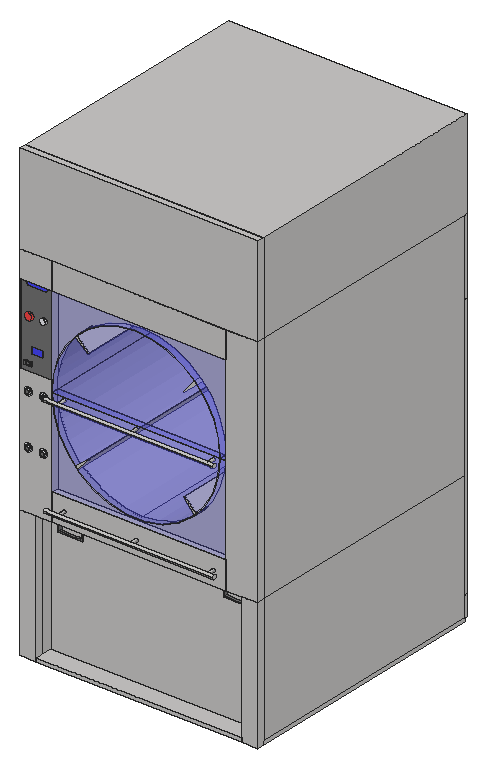
Revit family "QF_ELECTROLUXPROFESSIONAL_1LSPHS_TD6-60SLD_E", category Attrezzature speciali, Revit 2021
Family settings
  Quota connettore circolare = Usa diametro
  Tipo di parte = Normale
  Basato su piano di lavoro = No
  Sempre verticale = Sì
  Taglio con vuoti quando caricato = No
  Condiviso = No
  Punto di calcolo locali = No
Parameters (values of type "1L0HCA")
  Weight in Pounds = 576
  Watts = 74.2 W
  Volts = 380 V
  URL = "https://www.electroluxprofessional.com"
  Steam Supply Size = 0 mm
  Steam Supply Minimum Pressure = 0.0 Pa
  Steam Supply Maximum Pressure = 0.0 Pa
  Steam Pounds per Hour = 0
  Prospetto di default = 0 mm
  Produttore = "Electrolux Professional"
  Phase = 3
  Model = ""
  Length Actual = 1320 mm
  Item Number = "9875130045"
  Hot Water Size = 0 mm
  Height Actual = 2550 mm
  Gas Size = 0 mm
  Gas KW = 0
  Direct Waste Size = 0 mm
  Description = "TUMBLE DRYER DRUM VOLUME 1200L CAPACITY 60KG/132LB SLIDING DOOR "
  Depth Actual = 1495 mm
  Cycle = 50 Hz
  Condensate Return Size = 0 mm
  Compressed Air Volume = 0.0 L/s
  Compressed Air Size = 0 mm
  Compressed Air Pressure = 0.0 Pa
  Cold Water Size = 0 mm
  ALL_MODEL_IMAGE = 0
Types (5, lengths in mm): name | Weight in Pounds | Watts | Length Actual | Item Number | Height Actual | Depth Actual
  (no name) | 576 | 74.2 W | 1320 | "9875130045" | 2550 | 1495
  1L0HAF | 576 | 62.2 W | 1320 | "9875130038" | 2550 | 1495
  1L0HC4 | 524 | 62.2 W | 1314 | "9875130028" | 2465 | 1490
  1L0HCA | 576 | 74.2 W | 1320 | "9875130045" | 2550 | 1495
  1L0HDL | 524 | 74.2 W | 1314 | "9875130027" | 2465 | 1490
Reference planes
  plane 1 "Center (Front/Back)": y = 0
  plane 2: z = 0
  plane 3 "Center (Left/Right)": x = 0
  plane 4 "LEFT": x = -645
  plane 5 "RIGHT": x = 675
  plane 6 "BACK": y = 607.5
  plane 7 "FRONT": y = -887.5
  plane 8 "voidPanel": through (0, -279.09, 846.678) normal (0, -0.9308, 0.3656)
  plane 9 "TOP": z = 2550
  plane 10: z = 2050
  plane 11: z = 930
  plane 12 "GasZ": z = 2130
  plane 13 "EI_Z": z = 1670
  plane 14 "SteamReturn_Z": z = 2130
  plane 15 "SteamInletZ": z = 2425
  plane 16: z = 750
  plane 17 "Maniglia": z = 825
  plane 18: x = 510
  plane 19 "STEAM_x": x = 145
  plane 20 "GAS_x": x = 15
  plane 21 "Button1": x = -600
  plane 22 "Button2": x = -515
  plane 23 "AIR_z": z = 330
  plane 24: z = 2680
  plane 25: y = -1142.5
Forms (mm)
  Revolve 1, solid, material "Glass"
    sketch origin (0, -25, 1395) x (-1, 0, 0) y (0, -1, 0)
      loop
        line (271.034, -452.879) -> (240.785, -467.184)
        arc (240.785, -467.184) -> (232.42, -469.524) -> (223.77, -470.313) r 47.824
        line (223.77, -470.313) -> (0, -470.313) -> (0, -472.313) -> (223.77, -472.313)
        arc (223.77, -472.313) -> (232.82, -471.484) -> (241.57, -469.025) r 49.824
        line (241.57, -469.025) -> (271.889, -454.687)
        arc (271.889, -454.687) -> (278.705, -450.474) -> (284.416, -444.854) r 35.892
        line (284.416, -444.854) -> (447.003, -444.854)
        arc (447.003, -444.854) -> (463.264, -438.119) -> (470, -421.858) r 22.997
        line (470, -421.858) -> (470, 862.5) -> (465, 862.5) -> (465, -421.858)
        arc (465, -421.858) -> (459.729, -434.583) -> (447.003, -439.854) r 17.997
        line (447.003, -439.854) -> (285.5, -439.854)
        arc (285.5, -439.854) -> (279.222, -447.428) -> (271.034, -452.879) r 33.892
      axis (0, -472.313) -> (0, 862.5)
    angle from 0 to 360
  Extrusion 2, solid, material "QF_Finishes_Rubber Black"
    sketch origin (25, 0, 0) x (1, 0, 0) y (0, 1, 0)
      loop
        circle (-610, 510.1) r 20
    from 0 to 10
  Extrusion 3, solid, material "QF_Finishes_Stainless Steel"
    sketch origin (25, 0, 0) x (1, 0, 0) y (0, 1, 0)
      loop
        circle (-610, 510.1) r 11
    from 10 to 25
  Extrusion 4, solid, material "QF_Finishes_Rubber Black"
    sketch origin (25, 0, 0) x (1, 0, 0) y (0, 1, 0)
      loop
        circle (-610, -786.3) r 20
    from 0 to 10
  Extrusion 5, solid, material "QF_Finishes_Stainless Steel"
    sketch origin (25, 0, 0) x (1, 0, 0) y (0, 1, 0)
      loop
        circle (-610, -786.3) r 11
    from 10 to 25
  Extrusion 6, solid, material "QF_Finishes_Rubber Black"
    sketch origin (-25, 0, 0) x (-1, 0, 0) y (0, -1, 0)
      loop
        circle (-640, -510.1) r 20
    from 0 to 10
  Extrusion 7, solid, material "QF_Finishes_Stainless Steel"
    sketch origin (-25, 0, 0) x (-1, 0, 0) y (0, -1, 0)
      loop
        circle (-640, -510.1) r 11
    from 10 to 25
  Extrusion 8, solid, material "QF_Finishes_Rubber Black"
    sketch origin (-25, 0, 0) x (-1, 0, 0) y (0, -1, 0)
      loop
        circle (-640, 786.3) r 20
    from 0 to 10
  Extrusion 9, solid, material "QF_Finishes_Stainless Steel"
    sketch origin (-25, 0, 0) x (-1, 0, 0) y (0, -1, 0)
      loop
        circle (-640, 786.3) r 11
    from 10 to 25
  Extrusion 10, solid, material "QF_Finishes_Stainless Steel"
    sketch origin (0, 607.5, 0) x (0, 0, 1) y (-1, 0, 0)
      loop
        circle (1670, -510) r 5
    from 35 to 45
  Extrusion 11, solid, material "QF_Finishes_Dark Grey"
    sketch origin (0, -887.5, 0) x (0, 0, 1) y (-1, 0, 0)
      loop
        line (1900, 472) -> (1900, 486.361) -> (1885, 501.361) -> (1885, 601.361) -> (1900, 616.361) -> (1900, 643) -> (1455, 643) -> (1455, 472) -> (1900, 472)
      loop
        line (1547.246, 521.361) -> (1582.246, 521.361) -> (1582.246, 581.361) -> (1547.246, 581.361) -> (1547.246, 521.361)
    from 0 to -40
  Extrusion 12, solid, material "QF_Finishes_Stainless Steel"
    sketch origin (0, -887.5, 0) x (0, 0, 1) y (-1, 0, 0)
      loop
        line (2050, -675) -> (2050, 645) -> (750, 645) -> (750, -675) -> (2050, -675)
      loop
        circle (1395, 0) r 470
    from -1438 to -40
  Extrusion 13, solid, material "QF_Finishes_Stainless Steel"
    sketch origin (0, -887.5, 0) x (0, 0, 1) y (-1, 0, 0)
      loop
        line (2550, 645) -> (2050, 645) -> (2050, -675) -> (2550, -675) -> (2550, 645)
    from 0 to -40
  Extrusion 14, solid, material "QF_Finishes_Stainless Steel"
    sketch origin (0, -887.5, 0) x (0, 0, 1) y (-1, 0, 0)
      loop
        line (2550, 645) -> (2050, 645) -> (2050, -675) -> (2550, -675) -> (2550, 645)
    from -40 to -1450
  Extrusion 15, solid, material "QF_Finishes_Stainless Steel"
    sketch origin (0, 0, 0) x (0, 1, 0) y (0, 0, 1)
      loop
        circle (-932.5, 825) r 10
    from -470 to 470
  Extrusion 16, solid, material "QF_Finishes_Stainless Steel"
    sketch origin (0, -887.5, 0) x (0, 0, 1) y (-1, 0, 0)
      loop
        circle (825, 0) r 7.495
      loop
        circle (825, 400) r 7.495
      loop
        circle (825, -430) r 7.495
    from 0 to 45.288
  Extrusion 17, solid, material "QF_Finishes_Stainless Steel"
    sketch origin (0, 0, 0) x (1, 0, 0) y (0, 1, 0)
      loop
        line (-645, 550.5) -> (-645, -847.5) -> (675, -847.5) -> (675, 550.5) -> (-645, 550.5)
    from 45 to 25
  Extrusion 18, solid, material "QF_Finishes_Stainless Steel"
    sketch origin (0, -887.5, -1800) x (0, 0, 1) y (-1, 0, 0)
      loop
        line (2550, 645) -> (1825, 645) -> (1825, 557.5) -> (2550, 557.5) -> (2550, 645)
      loop
        line (2550, -675) -> (2550, -587.5) -> (1825, -587.5) -> (1825, -675) -> (2550, -675)
    from 0 to -40
  Extrusion 19, solid, material "QF_Finishes_Stainless Steel"
    sketch origin (0, -887.5, -1800) x (0, 0, 1) y (-1, 0, 0)
      loop
        line (2550, 645) -> (1845, 645) -> (1845, -675) -> (2550, -675) -> (2550, 645)
    from -40 to -1438
  Extrusion 20, solid, material "QF_Finishes_Stainless Steel"
    sketch origin (0, 607.5, 0) x (0, 0, 1) y (-1, 0, 0)
      loop
        line (1630, 645) -> (159, 645) -> (159, -675) -> (1630, -675) -> (1630, 645)
      loop
        circle (330, 415) r 165.732
    from 45 to 57
  Extrusion 21, solid, material "QF_Finishes_Stainless Steel"
    sketch origin (0, 607.5, 85) x (0, 0, 1) y (-1, 0, 0)
      loop
        circle (245, 415) r 157.5
    from 27 to 57
  Extrusion 22, solid, material "QF_Finishes_Stainless Steel"
    sketch origin (0, 607.5, 0) x (0, 0, 1) y (-1, 0, 0)
      loop
        line (2050, -675) -> (2050, 645) -> (1630, 645) -> (1630, -335) -> (1710, -335) -> (1710, -635) -> (1630, -635) -> (1630, -675) -> (2050, -675)
    from 45 to 57
  Extrusion 23, solid, material "QF_Finishes_Stainless Steel"
    sketch origin (0, 607.5, 0) x (0, 0, 1) y (-1, 0, 0)
      loop
        circle (1395, 0) r 602.448
    from 82 to 57
  Extrusion 24, solid, material "QF_Finishes_Stainless Steel"
    sketch origin (0, 607.5, 0) x (0, 0, 1) y (-1, 0, 0)
      loop
        line (1811, -415) -> (1731, -415) -> (1731, -495) -> (1811, -495) -> (1811, -415)
    from 35 to 45
  Extrusion 25, solid, material "QF_Finishes_Stainless Steel"
    sketch origin (0, 607.5, 0) x (0, 0, 1) y (-1, 0, 0)
      loop
        circle (1771, -455) r 40
    from 15 to 35
  Extrusion 26, solid, material "QF_Finishes_Stainless Steel"
    sketch origin (0, 607.5, 0) x (0, 0, 1) y (-1, 0, 0)
      loop
        line (1806, -450) -> (1736.952, -450) -> (1736.952, -460) -> (1806, -460) -> (1806, -450)
    from 0 to 15
  Extrusion 27, solid, material "QF_Finishes_Blue"
    sketch origin (0, -887.5, -55) x (0, 0, 1) y (-1, 0, 0)
      loop
        line (1955, 616.361) -> (1940, 601.361) -> (1940, 501.361) -> (1955, 486.361) -> (1955, 616.361)
    from 0 to -40
  Extrusion 28, solid, material "QF_Finishes_Red"
    sketch origin (10, -887.5, -245) x (0, 0, 1) y (-1, 0, 0)
      loop
        circle (1980, 601.361) r 20
    from 10 to 0
  Extrusion 29, solid, material "QF_Finishes_White"
    sketch origin (-1112.721, -887.5, -245) x (0, 0, 1) y (-1, 0, 0)
      loop
        circle (1980, -601.361) r 15
    from 10 to 0
  Extrusion 30, solid, material "QF_Finishes_Blue"
    sketch origin (0, -887.5, -325) x (0, 0, 1) y (-1, 0, 0)
      loop
        line (1907.246, 581.361) -> (1872.246, 581.361) -> (1872.246, 521.361) -> (1907.246, 521.361) -> (1907.246, 581.361)
    from 0 to -40
  Extrusion 31, solid, material "QF_Finishes_Dark Grey"
    sketch origin (0, -887.5, -325) x (0, 0, 1) y (-1, 0, 0)
      loop
        line (1830.636, 611.24) -> (1814.636, 611.24) -> (1814.636, 587.24) -> (1830.636, 587.24) -> (1830.636, 611.24)
      loop
        line (1812.636, 619.24) -> (1812.636, 579.24) -> (1832.636, 579.24) -> (1832.636, 619.24) -> (1812.636, 619.24)
    from 5 to 0
  Extrusion 32, solid, material "QF_Finishes_Dark Grey"
    sketch origin (0, -887.5, -325) x (0, 0, 1) y (-1, 0, 0)
      loop
        line (1815.636, 588.24) -> (1829.636, 588.24) -> (1829.636, 607.24) -> (1815.636, 607.24) -> (1815.636, 588.24)
    from 5 to 0
  Extrusion 33, solid, material "QF_Finishes_Stainless Steel"
    sketch origin (0, -887.5, 0) x (0, 0, 1) y (-1, 0, 0)
      loop
        line (750, 470) -> (2050, 470) -> (2050, 645) -> (750, 645) -> (750, 470)
      loop
        line (1455, 472) -> (1900, 472) -> (1900, 643) -> (1455, 643) -> (1455, 472)
    from 0 to -40
  Extrusion 34, solid, material "Glass"
    sketch origin (-2.279, -887.5, 0) x (0, 0, 1) y (-1, 0, 0)
      loop
        line (1900, 467.721) -> (1395, 467.721) -> (1395, -502.279) -> (1900, -502.279) -> (1900, 467.721)
    from 0 to -40
  Extrusion 35, solid, material "Glass"
    sketch origin (0, -887.5, 0) x (0, 0, 1) y (-1, 0, 0)
      loop
        line (1395, 470) -> (900, 470) -> (900, -500) -> (1395, -500) -> (1395, 470)
    from 0 to -40
  Extrusion 36, solid, material "QF_Finishes_Stainless Steel"
    sketch origin (0, -887.5, 2630) x (0, 0, -1) y (1, 0, 0)
      loop
        line (730, -470) -> (730, 500) -> (580, 500) -> (580, -470) -> (730, -470)
    from 0 to -40
  Extrusion 37, solid, material "QF_Finishes_Stainless Steel"
    sketch origin (0, -887.5, 0) x (0, 0, 1) y (-1, 0, 0)
      loop
        line (750, -500) -> (750, -675) -> (2050, -675) -> (2050, -500) -> (750, -500)
    from -40 to 0
  Extrusion 38, solid, material "QF_Finishes_Stainless Steel"
    sketch origin (0, -887.5, 0) x (0, 0, 1) y (-1, 0, 0)
      loop
        line (900, 470) -> (750, 470) -> (750, -500) -> (900, -500) -> (900, 470)
    from 0 to -40
  Extrusion 39, solid, material "QF_Finishes_Stainless Steel"
    sketch origin (0, -887.5, 0) x (0, 0, 1) y (-1, 0, 0)
      loop
        line (1060.314, 324.828) -> (1131.765, 266.289)
        arc (1131.765, 266.289) -> (1132.937, 266.347) -> (1132.995, 267.518) r 0.873
        line (1132.995, 267.518) -> (1074.442, 338.778)
        arc (1074.442, 338.778) -> (1067.303, 331.878) -> (1060.314, 324.828) r 466.399
      loop
        arc (1060.314, -324.828) -> (1067.303, -331.878) -> (1074.442, -338.778) r 466.399
        line (1074.442, -338.778) -> (1132.995, -267.518)
        arc (1132.995, -267.518) -> (1132.937, -266.347) -> (1131.765, -266.289) r 0.873
        line (1131.765, -266.289) -> (1060.314, -324.828)
      loop
        arc (1729.686, 324.828) -> (1722.697, 331.878) -> (1715.558, 338.778) r 466.399
        line (1715.558, 338.778) -> (1657.005, 267.518)
        arc (1657.005, 267.518) -> (1657.063, 266.347) -> (1658.235, 266.289) r 0.873
        line (1658.235, 266.289) -> (1729.686, 324.828)
      loop
        line (1729.686, -324.828) -> (1658.235, -266.289)
        arc (1658.235, -266.289) -> (1657.063, -266.347) -> (1657.005, -267.518) r 0.873
        line (1657.005, -267.518) -> (1715.558, -338.778)
        arc (1715.558, -338.778) -> (1722.697, -331.878) -> (1729.686, -324.828) r 466.399
    from 0 to -1245.3
  Extrusion 40, solid, material "QF_Finishes_White"
    sketch origin (0, -887.5, 0) x (0, 0, 1) y (-1, 0, 0)
      loop
        circle (1356.391, 600) r 20
      loop
        circle (1356.391, 515) r 20
      loop
        circle (1076.391, 600) r 20
      loop
        circle (1076.391, 515) r 20
    from 0 to 1.6
  Extrusion 41, solid, material "QF_Finishes_White"
    sketch origin (0, -887.5, 0) x (0, 0, 1) y (-1, 0, 0)
      loop
        circle (1356.391, 600) r 14
      loop
        circle (1356.391, 600) r 12.986
      loop
        circle (1356.391, 515) r 9
      loop
        circle (1356.391, 515) r 8
      loop
        circle (1076.391, 600) r 14
      loop
        circle (1076.391, 600) r 12.986
      loop
        circle (1076.391, 515) r 14
      loop
        circle (1076.391, 515) r 12.986
    from 1.6 to 10
  Extrusion 42, solid, material "QF_Finishes_Dark Grey"
    sketch origin (0, -887.5, 0) x (0, 0, 1) y (-1, 0, 0)
      loop
        circle (1356.391, 515) r 8
      loop
        circle (1356.391, 600) r 12.986
      loop
        circle (1076.391, 515) r 12.986
      loop
        circle (1076.391, 600) r 12.986
    from 1.6 to 10
  Extrusion 43, solid, material "QF_Finishes_Stainless Steel"
    sketch origin (0, 0, 570) x (0, 1, 0) y (0, 0, 1)
      loop
        circle (-932.5, 808) r 10
    from -470 to 470
  Extrusion 44, solid, material "QF_Finishes_Stainless Steel"
    sketch origin (0, -887.5, 570) x (0, 0, 1) y (-1, 0, 0)
      loop
        circle (808, 0) r 7.495
      loop
        circle (808, 400) r 7.495
      loop
        circle (808, -430) r 7.495
    from 0 to 45.288
  Extrusion 45, void
    sketch origin (0, -887.5, 0) x (0, 0, 1) y (-1, 0, 0)
      loop
        line (750, 557.5) -> (45, 557.5) -> (45, -587.5) -> (750, -587.5) -> (750, 557.5)
    from 0 to -100
  Extrusion 46, solid, material "QF_Finishes_Stainless Steel"
    sketch origin (0, -887.5, 0) x (0, 0, 1) y (-1, 0, 0)
      loop
        line (45, 557.5) -> (25, 557.5) -> (25, -587.5) -> (45, -587.5) -> (45, 557.5)
    from 0 to -40
  Extrusion 47, void
    sketch origin (0, -887.5, 0) x (0, 0, 1) y (-1, 0, 0)
      loop
        line (699.085, 515) -> (639.085, 515) -> (639.085, 375) -> (699.085, 375) -> (699.085, 515)
      loop
        line (699.085, -545) -> (699.085, -405) -> (639.085, -405) -> (639.085, -545) -> (699.085, -545)
    from -118.33 to -100
  Extrusion 48, solid, material "QF_Finishes_Dark Grey"
    sketch origin (0, -887.5, 0) x (0, 0, 1) y (-1, 0, 0)
      loop
        line (699.085, 515) -> (639.085, 515) -> (639.085, 375) -> (699.085, 375) -> (699.085, 515)
      loop
        line (694.085, 380) -> (694.085, 510) -> (649.085, 510)
        arc (649.085, 510) -> (642.609, 445) -> (649.085, 380) r 329.475
        line (649.085, 380) -> (694.085, 380)
      loop
        line (699.085, -545) -> (699.085, -405) -> (639.085, -405) -> (639.085, -545) -> (699.085, -545)
      loop
        line (694.085, -410) -> (649.085, -410)
        arc (649.085, -410) -> (642.609, -475) -> (649.085, -540) r 329.475
        line (649.085, -540) -> (694.085, -540) -> (694.085, -410)
    from -118.33 to -100
  Extrusion 49, solid, material "QF_Finishes_Stainless Steel"
    sketch origin (0, 607.5, -840) x (0, 0, 1) y (-1, 0, 0)
      loop
        line (999, 645) -> (885, 645) -> (885, -675) -> (999, -675) -> (999, 645)
    from 45 to 57
  Extrusion 50, solid, material "QF_Clearances", detail levels coarse
    sketch origin (0, 0, 0) x (0, 1, 0) y (0, 0, 1)
      loop
        line (-887.5, -49.257) -> (-887.5, 2550) -> (325.443, 2550) -> (312.689, 2680) -> (-1141.264, 2537.358) -> (-887.5, -49.257)
    from -645 to 675
Cuts and joins
  joined: Extrusion 15, Extrusion 16
  joined: Extrusion 12, Extrusion 23
  Extrusion 45, Extrusion 47 cuts Extrusion 19
  joined: Extrusion 17, Extrusion 46
Lines and regions (mm)
  symbolic lines
    curve 1: line (-645, 562.5, 744.475) -> (675, 562.5, 744.475)
    curve 2: line (-645, -847.5, 744.475) -> (-645, 562.5, 744.475)
    curve 3: line (675, -847.5, 744.475) -> (-645, -847.5, 744.475)
    curve 4: line (675, 562.5, 744.475) -> (675, -847.5, 744.475)
    curve 5: line (-645, -847.5, 744.475) -> (-645, -887.5, 744.475)
    curve 6: line (-645, -887.5, 744.475) -> (675, -887.5, 744.475)
    curve 7: line (675, -887.5, 744.475) -> (675, -847.5, 744.475)
    curve 8: line (-635, -887.5, 744.475) -> (-635, -889.5, 744.475)
    curve 9: line (-635, -889.5, 744.475) -> (-486.361, -889.5, 744.475)
    curve 10: line (-486.361, -889.5, 744.475) -> (-486.361, -887.5, 744.475)
    curve 11: line (-619.24, -889.5, 744.475) -> (-619.24, -897.5, 744.475)
    curve 12: line (-619.24, -897.5, 744.475) -> (-496.361, -897.5, 744.475)
    curve 13: line (-496.361, -897.5, 744.475) -> (-496.361, -889.5, 744.475)
    curve 14: line (-470, -922.5, 744.475) -> (-470, -942.5, 744.475)
    curve 15: line (-470, -942.5, 744.475) -> (470, -942.5, 744.475)
    curve 16: line (470, -942.5, 744.475) -> (470, -922.5, 744.475)
    curve 17: line (470, -922.5, 744.475) -> (437.495, -922.5, 744.475)
    curve 18: line (437.495, -922.5, 744.475) -> (437.495, -887.5, 744.475)
    curve 19: line (422.505, -922.5, 744.475) -> (422.505, -887.5, 744.475)
    curve 20: line (422.505, -922.5, 744.475) -> (-392.505, -922.5, 744.475)
    curve 21: arc (437.495, -922.5, 744.475) -> (430, -925.88, 744.475) -> (422.505, -922.5, 744.475) r 10
    curve 28: line (7.495, -922.5, 744.475) -> (7.495, -887.5, 744.475)
    curve 29: line (-7.495, -922.5, 744.475) -> (-7.495, -887.5, 744.475)
    curve 30: arc (7.495, -922.5, 744.475) -> (0, -925.88, 744.475) -> (-7.495, -922.5, 744.475) r 10
    curve 31: line (-392.505, -922.5, 744.475) -> (-392.505, -887.5, 744.475)
    curve 32: line (-407.495, -922.5, 744.475) -> (-407.495, -887.5, 744.475)
    curve 33: arc (-392.505, -922.5, 744.475) -> (-400, -925.88, 744.475) -> (-407.495, -922.5, 744.475) r 10
  symbolic lines, style "SpecialityEquipmentHiddenLines"
    curve 22: line (495, 562.5, 744.475) -> (495, 592.5, 744.475)
    curve 23: line (495, 592.5, 744.475) -> (415, 592.5, 744.475)
    curve 24: line (415, 592.5, 744.475) -> (415, 562.5, 744.475)
    curve 25: line (450, 592.5, 744.475) -> (450, 607.5, 744.475)
    curve 26: line (450, 607.5, 744.475) -> (460, 607.5, 744.475)
    curve 27: line (460, 607.5, 744.475) -> (460, 592.5, 744.475)
    curve 34: line (-407.495, -922.5, 744.475) -> (-470, -922.5, 744.475)
  symbolic lines, style "QF_Clearances"
    curve 35: line (-645, -887.5, 744.475) -> (-645, -1141.264, 744.475)
    curve 36: line (-645, -1141.264, 744.475) -> (675, -1141.264, 744.475)
    curve 37: line (675, -1141.264, 744.475) -> (675, -887.5, 744.475)
Dimensions and locks
  plane 7 "FRONT" to plane 6 "BACK" = 1495 mm
  plane 4 "LEFT" to plane 5 "RIGHT" = 1320 mm
  plane 9 "TOP" to level = 2550 mm
  plane 9 "TOP" to plane 10 = 500 mm
  plane 11 to level = 930 mm
  plane 12 "GasZ" to level = 2130 mm
  plane 13 "EI_Z" to level = 1670 mm
  plane 14 "SteamReturn_Z" to level = 2130 mm
  plane 15 "SteamInletZ" to level = 2425 mm
  locked: plane 10 to plane 16 at 1300
  plane 17 "Maniglia" to level = 825 mm
  plane 5 "RIGHT" to plane 18 = 165 mm
  plane 5 "RIGHT" to plane 19 "STEAM_x" = 530 mm
  plane 5 "RIGHT" to plane 20 "GAS_x" = 660 mm
  level to plane 23 "AIR_z" = 330 mm
  plane 24 to level = 2680 mm
  plane 25 to plane 6 "BACK" = 1750 mm
  aligned and locked: level to plane 2
Connectors
  electrical at (510, 572.5, 1670)
    settings: on Extrusion 10, index 6, voltage 0 V, apparent load 0 VA, apparent load phase1 0 VA, apparent load phase2 0 VA, apparent load phase3 0 VA, power factor 1, load classification "Other", number of poles 1, system type 30, power factor state 1, is connector primary yes, connector utility no, sub classification motor no, connector description "Electrical Connection"
  hvac at (-415, 580.5, 330)
    settings: on Extrusion 21, index 9, duct flow 0.0 L/s, flow factor 0, pres drop 0.0 Pa, loss coef 0, conn angle 0.00°, conn width 304.8 mm, conn height 304.8 mm, conn diameter 315 mm, duct sys type 3, conn prof type 0, flow config 1, flow direction 2, loss method 0, conn ref index -1, conn util no, is conn primary yes, conn desc "Exhaust Air Outlet"
